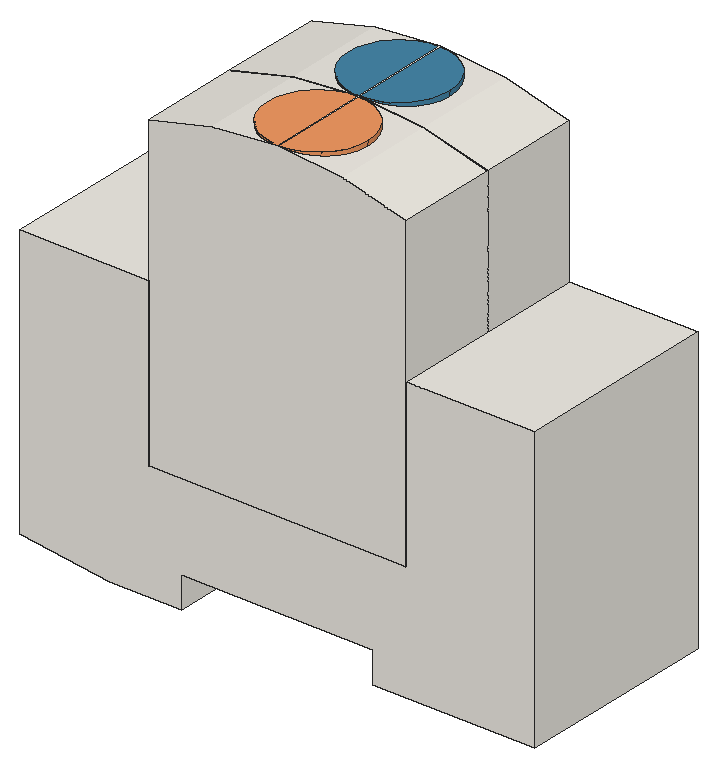
Revit family "Kombiableiter V50, 1-polig+NPE mit FS", category Generic Models, Revit 2015
Parameters (values of type "V50-1+NPE+FS-385")
  Width = 90 mm
  URL = "http://www.obo-bettermann.com"
  Material 3 = PA 66/6 FR HF RAL 5017
  Material 2 = PA 66/6 FR HF RAL 2003
  Material = PA 66/6 FR HF RAL 9010
  Manufacturer Art.No. = "5093590"
  Manufacturer = "OBO Bettermann"
  Length = 35.6 mm
  Height = 78.5 mm
  GTIN = "4012196398614"
  Article Type = "V50-1+NPE+FS-385"
Types (5, lengths in mm): name | Manufacturer Art.No. | GTIN | Article Type
  (no name) | "5093590" | "4012196398614" | "V50-1+NPE+FS-385"
  V50-1+NPE+FS-150 | "5093460" | "4012196398676" | "V50-1+NPE+FS-150"
  V50-1+NPE+FS-280 | "5093531" | "4012196159703" | "V50-1+NPE+FS-280"
  V50-1+NPE+FS-320 | "5093560" | "4012196398539" | "V50-1+NPE+FS-320"
  V50-1+NPE+FS-385 | "5093590" | "4012196398614" | "V50-1+NPE+FS-385"
Reference planes
  plane 1 "Center (Front/Back)": y = 0
  plane 2: z = 0
  plane 3 "Center (Left/Right)": x = 0
  plane 4: y = 17.8
  plane 5: z = 78.5
  plane 6: z = 78.5
  plane 7: z = 77.5
  plane 8: y = 35.6
Forms (mm)
  Extrusion 1, solid, material "PA 66/6 FR HF RAL 9010" <- "Material"
    sketch origin (0, 0, 0) x (1, 0, 0) y (0, 0, 1)
      loop
        line (-29.35, 0) -> (-16.75, 0) -> (-16.75, 5.5) -> (16.75, 5.5) -> (16.75, 0) -> (45, 0) -> (45, 49.5) -> (22.5, 49.5) -> (22.5, 20.5) -> (-22.5, 20.5) -> (-22.5, 49.5) -> (-45, 49.5) -> (-45, 1.922) -> (-29.35, 0)
    from -35.6 to 0
  Extrusion 2, solid, material "PA 66/6 FR HF RAL 9010" <- "Material"
    sketch origin (0, 0, 0) x (1, 0, 0) y (0, 0, 1)
      loop
        line (-22.5, 20.5) -> (22.5, 20.5) -> (22.5, 74.639)
        arc (22.5, 74.639) -> (0, 78.5) -> (-22.5, 74.639) r 67.488
        line (-22.5, 74.639) -> (-22.5, 20.5)
    from -17.8 to 0
  Extrusion 3, solid, material "PA 66/6 FR HF RAL 2003" <- "Material 2"
    sketch origin (0, 0, 0) x (1, 0, 0) y (0, 1, 0)
      loop
        circle (0, 8.9) r 8.75
    from 77.5 to 78.5
  Extrusion 4, solid, material "PA 66/6 FR HF RAL 9010" <- "Material"
    sketch origin (0, 0, 0) x (1, 0, 0) y (0, 0, 1)
      loop
        line (-22.5, 74.639) -> (-22.5, 20.5) -> (22.5, 20.5) -> (22.5, 74.639)
        arc (22.5, 74.639) -> (0, 78.5) -> (-22.5, 74.639) r 67.488
    from -35.6 to -17.8
  Extrusion 5, solid, material "PA 66/6 FR HF RAL 5017" <- "Material 3"
    sketch origin (0, 0, 0) x (1, 0, 0) y (0, 1, 0)
      loop
        circle (0, 26.7) r 8.8
    from 77.5 to 78.5
Dimensions and locks
  locked: Extrusion 1 sketch curve to Extrusion 1 sketch curve at 33.5
  locked: plane 3 "Center (Left/Right)" to Extrusion 1 sketch curve at 16.75
  locked: Extrusion 1 sketch curve to level at 5.5
  "Width": Extrusion 1 sketch curve to Extrusion 1 sketch curve
  equal spacing: Extrusion 1 sketch curve, plane 3 "Center (Left/Right)", Extrusion 1 sketch curve, locked at 45 each
  locked: Extrusion 1 sketch curve to Extrusion 1 sketch curve at 44
  locked: Extrusion 1 sketch curve to Extrusion 1 sketch curve at 45
  equal spacing: Extrusion 1 sketch curve, plane 3 "Center (Left/Right)", Extrusion 1 sketch curve, locked at 22.5 each
  locked: Extrusion 1 sketch curve to Extrusion 1 sketch curve at 29
  locked: Extrusion 1 sketch curve to Extrusion 1 sketch curve at 15.65
  locked: Extrusion 1 sketch curve to level at 1.922
  "Height": plane 5 to level
  locked: Extrusion 2 sketch curve to Extrusion 1 at 54.139
  locked: Extrusion 2 to Extrusion 3 sketch curve at 8.9
  "Height": plane 6 to level
  locked: plane 6 to plane 7 at 1
  "Length": plane 8 to plane 1 "Center (Front/Back)"
  locked: plane 4 to plane 1 "Center (Front/Back)" at 17.8
  locked: Extrusion 4 to Extrusion 5 sketch curve at 8.9
  radius of Extrusion 2 sketch curve = 67.488 mm
  radius of Extrusion 3 sketch curve = 8.75 mm
  radius of Extrusion 5 sketch curve = 8.8 mm
  aligned and locked: level to plane 2
  aligned and locked: Extrusion 1 sketch curve to level  (x2)
  aligned and locked: Extrusion 1 sketch curve to Extrusion 1 sketch curve
  aligned and locked: plane 1 "Center (Front/Back)" to Extrusion 1
  aligned and locked: Extrusion 2 sketch curve to Extrusion 1  (x3)
  aligned and locked: Extrusion 2 sketch curve to Extrusion 2 sketch curve
  aligned and locked: plane 1 "Center (Front/Back)" to Extrusion 2
  aligned and locked: plane 6 to Extrusion 3
  aligned and locked: Extrusion 3 to plane 7
  aligned and locked: plane 8 to Extrusion 1
  aligned and locked: Extrusion 4 sketch curve to Extrusion 2  (x4)
  aligned and locked: Extrusion 1 to Extrusion 4
  aligned and locked: Extrusion 4 to plane 4
  aligned and locked: Extrusion 5 to Extrusion 3  (x2)
Automatic sketch dimensions
  Extrusion 3 sketch curve to plane 3 "Center (Left/Right)" = 0 mm
  Extrusion 5 sketch curve to plane 3 "Center (Left/Right)" = 0 mm
